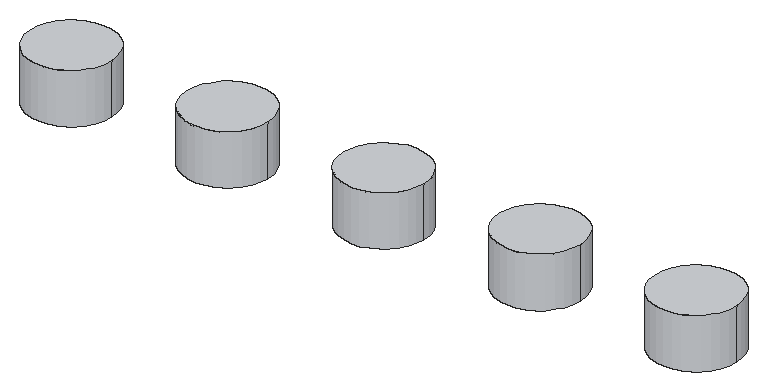
Revit family "Array_Sample", category Allgemeines Modell, Revit 2017
Family settings
  Kann Basisbauteil für Bewehrung sein = Nein
  Bemaßung runder Anschluss = Durchmesser verwenden
  Teiletyp = Normal
  Arbeitsebenenbasiert = Nein
  Immer vertikal = Ja
  Beim Laden mit Abzugskörper schneiden = Nein
  Gemeinsam genutzt = Nein
  Raumberechnungspunkt = Nein
Parameters
  Number of elements = 5
Reference planes
  plane 1 "Mitte (Vorne/hinten)": y = 0
  plane 2: z = 0
  plane 3 "Mitte (Links/rechts)": x = 0
Forms (mm)
  Extrusion 1, solid
    sketch origin (0, 0, 0) x (1, 0, 0) y (0, 1, 0)
      loop
        circle (-1842.247, 0) r 200
    from 0 to 250
  Extrusion 2, solid
    sketch origin (3100, 0, 0) x (1, 0, 0) y (0, 1, 0)
      loop
        circle (-1842.247, 0) r 200
    from 0 to 250
  Extrusion 3, solid
    sketch origin (775, 0, 0) x (1, 0, 0) y (0, 1, 0)
      loop
        circle (-1842.247, 0) r 200
    from 0 to 250
  Extrusion 4, solid
    sketch origin (1550, 0, 0) x (1, 0, 0) y (0, 1, 0)
      loop
        circle (-1842.247, 0) r 200
    from 0 to 250
  Extrusion 5, solid
    sketch origin (2325, 0, 0) x (1, 0, 0) y (0, 1, 0)
      loop
        circle (-1842.247, 0) r 200
    from 0 to 250
Dimensions and locks
  equal spacing: group 1, group 3, group 4, group 5, group 2  (x3)
  aligned and locked: level to plane 2
Automatic sketch dimensions
  radius of Extrusion 1 sketch curve = 200 mm
